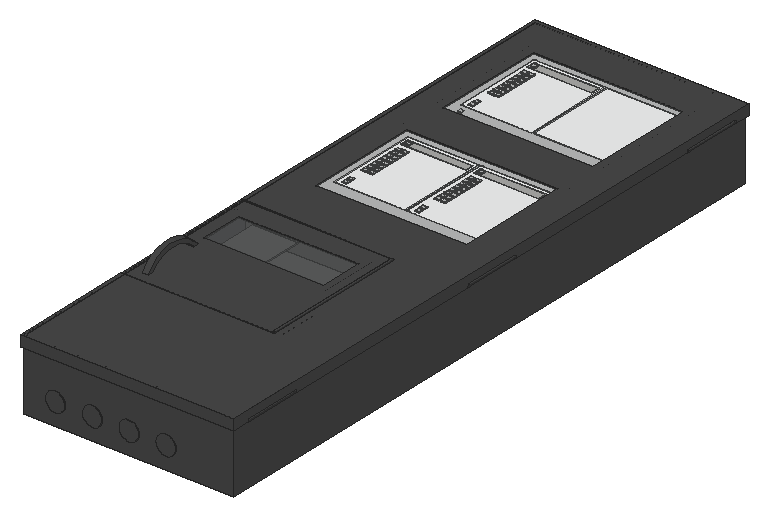
Revit family "Electronics_Communication_Talkaphone_AOR-24-Station-Analog-Command-Unit", category Telephone Devices, host Face, Revit 2020
Family settings
  Host = Face
  Maintain Annotation Orientation = No
  Round Connector Dimension = Use Diameter
  Part Type = Normal
  OmniClass Number = 23.37.27.17
  Cut with Voids When Loaded = No
  Shared = No
  Room Calculation Point = No
Parameters (values of type "24-Station Analog Command Unit")
  _without door [instance] = not(Visible Big Door)  # no
  _small door [instance] = and(Visible Big Door, Visible Small Door)  # yes
  Wiring = "One (1) twisted, shielded pair per station not to exceed 25 ohms resistance"
  Width = 14.50"  # constant formula
  Warranty = "5-year limited warranty"
  Voltage = 120 V  # constant formula
  Visible Small Door [instance] = yes
  Visible Big Door [instance] = yes
  URL = "https://www.talkaphone.com/"
  Supervision Relay = "Activation of Any AOR Station: Contact closure (relay) output; Open/Short Fault on AOR Stations: Contact closure (relay) output; AC Input Power Failure: 24VDC output; Low Battery (Low Voltage Detected): Form C output; and System Ground Fault: Contact closure (relay) output."
  Sound = "Strobe/siren outputs 1 of 8 alerting sounds ranging from 90 to 100 dBA"
  Programming = "Programming of the Analog Command Unit and Analog Stations can be carried out through the built-in phone via touch-tone commands. All programming is stored on non-volatile EEPROMs."
  Product data url = "https://www.bimobject.com/talkaphone/product/aor-24_area-of-rescue-24-station-command-unit"
  Product Material = Talkaphone - Steel - Black
  Product Guid = "b2d7a3bd-9e5f-4b66-a6c0-6e79d788d0e2"
  Power Source = "120VAC, 0.9 A (max)"
  Power Factor = 1
  Number of Poles = 1
  Mounting = "Surface mount or recess mount with optional trim ring (Model AOR-TR32). Strobe/sounder mounts to standard 4-inch square box"
  Model = "AOR-24"
  Manufacturer = "Talkaphone"  # constant formula
  Lighting = "Strobe is rated at 15 candela, flashes once per second"
  Keynote = "27 30 00"
  Height = 43.60"  # constant formula
  Fault Reset = "Push button switch provided to temporarily silence while faults are corrected or to re-test/reset fault indicators after faults have been resolved"
  Fault Monitoring = "Activation of any AOR Station, opens/shorts on AOR Station cabling, 110VAC input power failure (primary power loss), low battery backup (low voltage detected), and system ground fault"
  Environment = "For indoor use"
  Edition number = 1
  Description = "THIS FULLY INTEGRATED COMMAND UNIT ACCOMMODATES UP TO 24 ADA-COMPLIANT AREA OF RESCUE STATIONS. THE UNIT’S STROBE/SOUNDER INDICATES AN INCOMING CALL, AND LED LIGHTS INDICATE THE CALLING LOCATION."
  Depth = 6.00"  # constant formula
  Default Elevation = 48.00"
  Construction = "16 gauge, painted steel enclosure with polycarbonate windows"
  Connectivity = "Supports one (1) analog phone line (PSTN line) per bank of 8-stations for off-site dialing (total of three (3) PSTN lines)"
  Connection = "Internal terminal block"
  Communication = "Lighted phone with 12-button keypad receives and selectively originates calls"
  Call Station Options = "Indoor Flush Mount Model: AOR-CSE-FM, Indoor Surface Mount Model: AOR-CSE-SM"
  Assembly Code = "D5030300"
  Approvals = "Power Supply Approvals: UL 294 (6th Edition) listed, UL 603 listed, UL 1481 listed, ULC-S318 listed"
  Apparent Load = 0 VA
  AC Input Rating = "115-230VAC, 50-60 Hz, 240W"
Reference planes (in)
  plane 1 "Center (Front/Back)": y = 0
  plane 2: z = 0
  plane 3 "Center (Left/Right)": x = 0
  plane 4: z = 4.56443
Forms (in)
  Extrusion 1, solid, material "Talkaphone - Steel - Black" <- "Product Material", detail levels medium+fine
    sketch origin (10.3875, 3.03501, 0) x (1, 0, 0) y (0, 1, 0)
      loop
        line (-6.12633, 1.01887) -> (-6.12633, -3.0025) -> (-3.325, -3.0025) -> (-3.325, 1.01887) -> (-6.12633, 1.01887)
    from 0.1225 to 3.6625
  Extrusion 2, solid, material "Talkaphone - Steel - Black" <- "Product Material", detail levels medium+fine
    sketch origin (0, 0, 0) x (1, 0, 0) y (0, 1, 0)
      loop
        line (-7.06284, -13.40375) -> (3.2475, -13.40375) -> (3.2475, -2.93375) -> (-7.06284, -2.93375) -> (-7.06284, -2.99375) -> (3.1875, -2.99375) -> (3.1875, -13.34375) -> (-7.06284, -13.34375) -> (-7.06284, -13.40375)
    from 0.0625 to 4.70474
  Extrusion 3, solid, material "Talkaphone - Steel - Black" <- "Product Material", detail levels medium+fine
    sketch origin (0, 0, 0) x (1, 0, 0) y (0, 1, 0)
      loop
        line (-6.215, -13.78875) -> (-6.215, -17.95875) -> (1.535, -17.95875) -> (1.535, -13.78875) -> (-6.215, -13.78875)
    from 0.1225 to 0.375
  Extrusion 4, solid, material "Talkaphone - Steel - Black" <- "Product Material", detail levels fine
    sketch origin (0, 0, 0) x (1, 0, 0) y (0, 1, 0)
      loop
        line (-3.99678, -14.82437) -> (-3.17224, -14.82437) -> (-3.17224, -16.31933) -> (-3.07224, -16.31933) -> (-3.07224, -14.72437) -> (-3.99678, -14.72437) -> (-3.99678, -14.82437)
      loop
        line (-1.83205, -14.65973) -> (-0.53771, -14.65973) -> (-0.53771, -16.89228) -> (-0.43771, -16.89228) -> (-0.43771, -14.55973) -> (-1.83205, -14.55973) -> (-1.83205, -14.65973)
    from 0.375 to 2.482
  Extrusion 5, solid, material "Talkaphone - Steel - Black" <- "Product Material", detail levels medium+fine
    sketch origin (0, 0, 0) x (1, 0, 0) y (0, 1, 0)
      loop
        line (-6.03725, -4.56675) -> (-6.03725, -12.31675) -> (2.71275, -12.31675) -> (2.71275, -4.56675) -> (-6.03725, -4.56675)
    from 0.0625 to 3.87229
  Extrusion 6, solid, material "Talkaphone - Steel - Black" <- "Product Material", detail levels medium+fine
    sketch origin (0, 0, 0) x (1, 0, 0) y (0, 1, 0)
      loop
        line (-3.03725, -3.56675) -> (-6.03725, -3.56675) -> (-6.03725, -12.31675) -> (-3.03725, -12.31675) -> (-3.03725, -3.56675)
    from 3.87229 to 3.93267
  Extrusion 7, solid, material "Talkaphone - Steel - Black" <- "Product Material", detail levels medium+fine
    sketch origin (0, 0, 0) x (1, 0, 0) y (0, 0, 1)
      loop
        line (2.0925, 0.0625) -> (2.0925, 3.6335) -> (-7.0125, 3.6335) -> (-7.0125, 3.571) -> (2.03, 3.571) -> (2.03, 0.0625) -> (2.0925, 0.0625)
    from -19.12875 to 2.88375
  Extrusion 8, void
    sketch origin (0, 0, 0) x (1, 0, 0) y (0, 1, 0)
      loop
        line (-7.125, 14.62125) -> (-7.125, 13.62125) -> (-6.0125, 13.62125)
        arc (-6.0125, 13.62125) -> (-5.5125, 14.12125) -> (-6.0125, 14.62125) r 0.5
        line (-6.0125, 14.62125) -> (-7.125, 14.62125)
      loop
        line (-7.125, 4.62125) -> (-7.125, 3.62125) -> (-6.0125, 3.62125)
        arc (-6.0125, 3.62125) -> (-5.5125, 4.12125) -> (-6.0125, 4.62125) r 0.5
        line (-6.0125, 4.62125) -> (-7.125, 4.62125)
    from 3.17852 to 3.87229
  Extrusion 9, void
    sketch origin (0, 0, 0) x (0, 1, 0) y (0, 0, 1)
      loop
        line (17.76625, 0) -> (17.76625, 1.3125)
        arc (17.76625, 1.3125) -> (17.26625, 1.8125) -> (16.76625, 1.3125) r 0.5
        line (16.76625, 1.3125) -> (16.76625, 0) -> (17.76625, 0)
      loop
        line (5.51478, 0) -> (5.51478, 1.3125)
        arc (5.51478, 1.3125) -> (5.01478, 1.8125) -> (4.51478, 1.3125) r 0.5
        line (4.51478, 1.3125) -> (4.51478, 0) -> (5.51478, 0)
      loop
        line (-2.13375, 0) -> (-2.13375, 0.5875)
        arc (-2.13375, 0.5875) -> (-2.18003, 0.66395) -> (-2.26625, 0.6875) r 0.1205
        line (-2.26625, 0.6875) -> (-2.78375, 0.6875)
        arc (-2.78375, 0.6875) -> (-2.85446, 0.71679) -> (-2.88375, 0.7875) r 0.1
        line (-2.88375, 0.7875) -> (-2.97331, 0.7875) -> (-2.97331, 0) -> (-2.13375, 0)
    from 1.0013 to 2.71275
  Extrusion 10, solid, material "Talkaphone - Steel - Black" <- "Product Material", detail levels fine
    sketch origin (0, 0, 0) x (1, 0, 0) y (0, 1, 0)
      loop
        line (7.0625, 0.51375) -> (4.0275, 0.51375) -> (4.0275, 0.01375) -> (7.0625, 0.01375) -> (7.0625, 0.51375)
    from 0.0625 to 0.1225
  Extrusion 11, solid, material "Talkaphone - Steel - Black" <- "Product Material", detail levels fine
    sketch origin (0, 0, 0) x (1, 0, 0) y (0, 1, 0)
      loop
        line (4.0875, 0.51375) -> (4.0275, 0.51375) -> (4.0275, 0.01375) -> (7.0625, 0.01375) -> (7.0625, 0.07375) -> (4.0875, 0.07375) -> (4.0875, 0.51375)
    from 0.1225 to 3.87229
  Extrusion 12, solid, material "Talkaphone - Steel - Black" <- "Product Material", detail levels fine
    sketch origin (0, -5.91, 0) x (1, 0, 0) y (0, 1, 0)
      loop
        line (7.0625, 0.51375) -> (4.0275, 0.51375) -> (4.0275, 0.01375) -> (7.0625, 0.01375) -> (7.0625, 0.51375)
    from 0.0625 to 0.1225
  Extrusion 13, solid, material "Talkaphone - Steel - Black" <- "Product Material", detail levels fine
    sketch origin (0, -5.91, 0) x (1, 0, 0) y (0, 1, 0)
      loop
        line (4.0875, 0.51375) -> (4.0275, 0.51375) -> (4.0275, 0.01375) -> (7.0625, 0.01375) -> (7.0625, 0.07375) -> (4.0875, 0.07375) -> (4.0875, 0.51375)
    from 0.1225 to 3.87229
  Extrusion 14, solid, material "Talkaphone - Steel - Black" <- "Product Material", detail levels fine
    sketch origin (0, -18.48, 0) x (1, 0, 0) y (0, 1, 0)
      loop
        line (7.0025, 0.51375) -> (4.0275, 0.51375) -> (4.0275, 0.01375) -> (7.0025, 0.01375) -> (7.0025, 0.51375)
    from 0.0625 to 0.1225
  Extrusion 15, solid, material "Talkaphone - Steel - Black" <- "Product Material", detail levels fine
    sketch origin (0, -18.48, 0) x (1, 0, 0) y (0, 1, 0)
      loop
        line (4.0875, 0.51375) -> (4.0275, 0.51375) -> (4.0275, 0.01375) -> (7.0625, 0.01375) -> (7.0625, 0.07375) -> (4.0875, 0.07375) -> (4.0875, 0.51375)
    from 0.1225 to 3.87229
  Extrusion 16, solid, material "Talkaphone - Steel - Black" <- "Product Material", detail levels fine
    sketch origin (0, -12.57, 0) x (1, 0, 0) y (0, 1, 0)
      loop
        line (7.0625, 0.51375) -> (4.0275, 0.51375) -> (4.0275, 0.01375) -> (7.0625, 0.01375) -> (7.0625, 0.51375)
    from 0.0625 to 0.1225
  Extrusion 17, solid, material "Talkaphone - Steel - Black" <- "Product Material", detail levels fine
    sketch origin (0, -12.57, 0) x (1, 0, 0) y (0, 1, 0)
      loop
        line (4.0875, 0.51375) -> (4.0275, 0.51375) -> (4.0275, 0.01375) -> (7.0625, 0.01375) -> (7.0625, 0.07375) -> (4.0875, 0.07375) -> (4.0875, 0.51375)
    from 0.1225 to 3.87229
  Extrusion 18, solid, material "Talkaphone - Steel - Black" <- "Product Material"
    sketch origin (0, 0, 0) x (1, 0, 0) y (0, 1, 0)
      loop
        line (-7.125, -21.62875) -> (7.0625, -21.62875) -> (7.0625, -21.56625) -> (-7.06284, -21.56625) -> (-7.06284, 21.56625) -> (7.0625, 21.56625) -> (7.0625, 21.62875) -> (-7.125, 21.62875) -> (-7.125, -21.62875)
    from 0 to 4.81063
  Extrusion 19, solid, material "Talkaphone - Steel - Black" <- "Product Material"
    sketch origin (0, 0, 0) x (0, 1, 0) y (0, 0, 1)
      loop
        line (21.62875, 4.24034) -> (-21.62875, 4.24034) -> (-21.62875, 0) -> (21.62875, 0) -> (21.62875, 4.24034)
    from 7.0625 to 7.12466
  Extrusion 20, solid, material "Talkaphone - Steel - Black" <- "Product Material"
    sketch origin (0, 0, 0) x (1, 0, 0) y (0, 0, 1)
      loop
        line (6.69575, 4.3025) -> (6.69575, 4.24034) -> (7.12466, 4.24034) -> (7.12466, 4.3025) -> (6.69575, 4.3025)
    from -20.62921 to 20.63013
  Extrusion 21, solid, material "Talkaphone - Steel - Black" <- "Product Material"
    sketch origin (0, 0, 0) x (1, 0, 0) y (0, 1, 0)
      loop
        line (-7.06284, -21.56625) -> (7.0625, -21.56625) -> (7.0625, 21.56625) -> (-7.06284, 21.56625) -> (-7.06284, -21.56625)
    from 0 to 0.0625
  Extrusion 22, solid, material "Talkaphone - Steel - Black" <- "Product Material", detail levels medium+fine
    sketch origin (0, -18.629, -1.95975) x (1, 0, 0) y (0, 0, 1)
      loop
        arc (7.1455, 6.2154) -> (7.29718, 6.15257) -> (7.23435, 6.30425) r 0.08885
        line (7.23435, 6.30425) -> (6.7031, 6.30425) -> (6.7031, 6.26225) -> (7.1455, 6.26225) -> (7.1455, 6.2154)
    from -1.99975 to 2.00025
  Extrusion 23, solid, material "Talkaphone - Steel - Black" <- "Product Material", detail levels medium+fine
    sketch origin (0, 0, 0) x (1, 0, 0) y (0, 0, 1)
      loop
        line (-5.55574, 0.0625) -> (2.03, 0.0625) -> (2.03, 3.571) -> (-7.0125, 3.571) -> (-7.0125, 1.5625) -> (-6.06249, 1.5625)
        arc (-6.06249, 1.5625) -> (-5.68383, 1.39391) -> (-5.55574, 0.9997) r 0.50954
        line (-5.55574, 0.9997) -> (-5.55574, 0.0625)
    from -19.12925 to -19.06675
  Extrusion 24, solid, material "Talkaphone - Steel - Black" <- "Product Material", detail levels medium+fine
    sketch origin (10.3875, -2.83375, 0) x (1, 0, 0) y (0, 1, 0)
      loop
        line (-6.12633, 1.01887) -> (-6.12633, -3.0025) -> (-3.325, -3.0025) -> (-3.325, 1.01887) -> (-6.12633, 1.01887)
    from 0.1225 to 3.6625
  Extrusion 25, solid, material "Talkaphone - Steel - Black" <- "Product Material", detail levels medium+fine
    sketch origin (10.3875, -9.49375, 0) x (1, 0, 0) y (0, 1, 0)
      loop
        line (-6.12633, 1.01887) -> (-6.12633, -3.0025) -> (-3.325, -3.0025) -> (-3.325, 1.01887) -> (-6.12633, 1.01887)
    from 0.1225 to 3.6625
  Extrusion 26, solid, material "Talkaphone - Steel - Black" <- "Product Material", detail levels medium+fine
    sketch origin (10.3875, -15.40375, 0) x (1, 0, 0) y (0, 1, 0)
      loop
        line (-6.12633, 1.01887) -> (-6.12633, -3.0025) -> (-3.325, -3.0025) -> (-3.325, 1.01887) -> (-6.12633, 1.01887)
    from 0.1225 to 3.6625
  Extrusion 27, solid, material "Talkaphone - Steel - Black" <- "Product Material", detail levels medium+fine
    sketch origin (0, 0, 0) x (1, 0, 0) y (0, 0, 1)
      loop
        circle (-5.00109, 1.50206) r 0.65758
      loop
        circle (-2.50152, 1.50206) r 0.65758
      loop
        circle (-0.00183, 1.50206) r 0.65758
      loop
        circle (2.49571, 1.50206) r 0.65758
    from 21.56625 to 21.62875
  Extrusion 28, solid, material "Talkaphone - Steel - Black" <- "Product Material", detail levels medium+fine
    sketch origin (0, 0, 0) x (1, 0, 0) y (0, 0, 1)
      loop
        circle (-1.37296, 1.50206) r 0.65758
      loop
        circle (4.91773, 1.50206) r 0.65758
    from -21.62875 to -21.56625
  Extrusion 29, solid, material "Talkaphone - Steel - Black" <- "Product Material", detail levels medium+fine
    sketch origin (0, 0, 0) x (1, 0, 0) y (0, 1, 0)
      loop
        circle (4.3725, 20.38221) r 0.65758
      loop
        circle (-3.74842, -19.88102) r 0.65758
      loop
        circle (-1.24885, -19.88102) r 0.65758
      loop
        circle (1.25084, -19.88102) r 0.65758
    from 0 to 0.0625
  Extrusion 30, solid, material "Talkaphone - Steel - Black" <- "Product Material", detail levels medium+fine
    sketch origin (0, 0, -1.95975) x (1, 0, 0) y (0, 0, 1)
      loop
        arc (7.1455, 6.2154) -> (7.29718, 6.15257) -> (7.23435, 6.30425) r 0.08885
        line (7.23435, 6.30425) -> (6.7031, 6.30425) -> (6.7031, 6.26225) -> (7.1455, 6.26225) -> (7.1455, 6.2154)
    from -1.99975 to 2.00025
  Extrusion 31, solid, material "Talkaphone - Steel - Black" <- "Product Material", detail levels medium+fine
    sketch origin (0, 18.629, -1.95975) x (1, 0, 0) y (0, 0, 1)
      loop
        arc (7.1455, 6.2154) -> (7.29718, 6.15257) -> (7.23435, 6.30425) r 0.08885
        line (7.23435, 6.30425) -> (6.7031, 6.30425) -> (6.7031, 6.26225) -> (7.1455, 6.26225) -> (7.1455, 6.2154)
    from -1.99975 to 2.00025
  Extrusion 32, solid, material "Talkaphone - Steel - Black" <- "Product Material", visible <- "Visible Big Door"
    sketch origin (0, 0, -1.95972) x (1, 0, 0) y (0, 1, 0)
      loop
        line (7.1875, 21.72875) -> (-7.1875, 21.72875) -> (-7.1875, -3.00875) -> (3.152, -3.00875) -> (3.152, -13.25875) -> (-7.1875, -13.25875) -> (-7.1875, -21.72875) -> (7.1875, -21.72875) -> (7.1875, 21.72875)
      loop
        line (-5.1, 8.30875) -> (-5.1, 0.60875) -> (5.1, 0.60875) -> (5.1, 8.30875) -> (-5.1, 8.30875)
      loop
        line (-5.1, 19.00875) -> (-5.1, 11.30875) -> (5.1, 11.30875) -> (5.1, 19.00875) -> (-5.1, 19.00875)
    from 6.74665 to 6.80915
  Extrusion 33, solid, material "Talkaphone - Plastic - Grey_RAL 9006", detail levels medium+fine
    sketch origin (-0.06547, 7.62592, 0.66403) x (1, 0, 0) y (0, 0, 1)
      loop
        line (-6.24452, 4.0629) -> (-6.24452, 4.0004) -> (-5.65702, 4.0004) -> (-5.65702, 3.8779) -> (-5.49452, 3.8779) -> (5.66798, 3.8779) -> (5.66798, 4.0004) -> (6.25548, 4.0004) -> (6.25548, 4.0629) -> (5.60548, 4.0629) -> (5.60548, 3.9404) -> (5.50548, 3.9404) -> (-5.48357, 3.9404) -> (-5.59452, 3.9404) -> (-5.59452, 4.0629) -> (-6.24452, 4.0629)
    from -3.28203 to -11.78283
  Extrusion 34, solid, material "Talkaphone - Plastic - Grey_RAL 9006", detail levels medium+fine
    sketch origin (-0.05164, -3.07328, 0.66403) x (1, 0, 0) y (0, 0, 1)
      loop
        line (-6.24452, 4.0629) -> (-6.24452, 4.0004) -> (-5.65702, 4.0004) -> (-5.65702, 3.8779) -> (-5.49452, 3.8779) -> (5.66798, 3.8779) -> (5.66798, 4.0004) -> (6.25548, 4.0004) -> (6.25548, 4.0629) -> (5.60548, 4.0629) -> (5.60548, 3.9404) -> (5.50548, 3.9404) -> (-5.48357, 3.9404) -> (-5.59452, 3.9404) -> (-5.59452, 4.0629) -> (-6.24452, 4.0629)
    from -3.28203 to -11.78283
  Extrusion 35, solid, material "Talkaphone - Plastic - Clear plastic", visible <- "Visible Big Door"
    sketch origin (0, 0, -1.95972) x (1, 0, 0) y (0, 1, 0)
      loop
        line (-5.70125, 19.50053) -> (-5.70125, 10.75053) -> (5.54875, 10.75053) -> (5.54875, 19.50053) -> (-5.70125, 19.50053)
    from 6.71863 to 6.74696
  Extrusion 36, solid, material "Talkaphone - Plastic - Clear plastic", visible <- "Visible Big Door"
    sketch origin (0.01625, -10.66628, -1.95972) x (1, 0, 0) y (0, 1, 0)
      loop
        line (-5.70125, 19.50053) -> (-5.70125, 10.75053) -> (5.54875, 10.75053) -> (5.54875, 19.50053) -> (-5.70125, 19.50053)
    from 6.71863 to 6.74696
  Extrusion 37, solid, material "Talkaphone - Steel - Black" <- "Product Material", visible <- "Visible Big Door", detail levels medium+fine
    sketch origin (1.76222, -3.90437, 0.59903) x (1, 0, 0) y (0, 0, 1)
      loop
        line (1.76478, 4.1879) -> (1.31948, 4.1879)
        arc (1.31948, 4.1879) -> (1.23364, 4.27345) -> (1.26507, 4.1564) r 0.06275
        line (1.26507, 4.1564) -> (1.76478, 4.1564) -> (1.76478, 4.1879)
    from -0.7784 to 9.24244
  Extrusion 38, solid, material "Talkaphone - Steel - Black" <- "Product Material", visible <- "Visible Big Door", detail levels medium+fine
    sketch origin (1.01895, 0, 11.49003) x (0, 0, -1) y (1, 0, 0)
      loop
        line (6.7031, 6.12655) -> (7.23588, 6.12655) -> (7.23588, 6.16855) -> (6.7031, 6.16855) -> (6.7031, 6.12655)
    from -1.99975 to 2.00025
  Extrusion 39, solid, material "Talkaphone - Steel - Black" <- "Product Material", visible <- "Visible Big Door", detail levels medium+fine
    sketch origin (1.01895, -18.629, 11.49003) x (0, 0, -1) y (1, 0, 0)
      loop
        line (6.7031, 6.12655) -> (7.23588, 6.12655) -> (7.23588, 6.16855) -> (6.7031, 6.16855) -> (6.7031, 6.12655)
    from -1.99975 to 2.00025
  Extrusion 40, solid, material "Talkaphone - Steel - Black" <- "Product Material", visible <- "Visible Big Door", detail levels medium+fine
    sketch origin (1.01895, 18.629, 11.49003) x (0, 0, -1) y (1, 0, 0)
      loop
        line (6.7031, 6.12655) -> (7.23588, 6.12655) -> (7.23588, 6.16855) -> (6.7031, 6.16855) -> (6.7031, 6.12655)
    from -1.99975 to 2.00025
  Extrusion 41, solid, material "Talkaphone - Steel - Black" <- "Product Material", visible <- "_small door", detail levels medium+fine
    sketch origin (1.37015, -3.90416, 0.59903) x (1, 0, 0) y (0, 0, 1)
      loop
        line (1.65714, 4.1564) -> (1.65714, 4.1879) -> (1.15714, 4.1879) -> (1.15714, 4.1564) -> (1.65714, 4.1564)
    from -0.7784 to 9.24244
  Extrusion 42, solid, material "Talkaphone - Steel - Black" <- "Product Material", visible <- "_small door"
    sketch origin (-0.00706, -14.28936, 0.59934) x (1, 0, 0) y (0, 0, 1)
      loop
        line (-7.18015, 3.5379) -> (-7.18015, 4.2504) -> (-7.24265, 4.2504) -> (-7.24265, 3.5379) -> (-7.18015, 3.5379)
    from -11.20582 to -1.10582
  Extrusion 43, solid, material "Talkaphone - Steel - Black" <- "Product Material", visible <- "_small door"
    sketch origin (0.00029, 0.00021, -1.95972) x (1, 0, 0) y (0, 1, 0)
      loop
        line (-7.1875, -3.08375) -> (-7.1875, -13.18375) -> (2.902, -13.18375) -> (2.902, -3.08375) -> (-7.1875, -3.08375)
      loop
        line (-6.20175, -4.58375) -> (-6.20175, -7.58375) -> (1.93625, -7.58375) -> (1.93625, -4.58375) -> (-6.20175, -4.58375)
    from 6.74696 to 6.80946
  Extrusion 44, solid, material "Talkaphone - Plastic - Clear plastic", visible <- "_small door"
    sketch origin (0.00029, 0.00021, -1.93441) x (1, 0, 0) y (0, 1, 0)
      loop
        line (2.37575, -4.02125) -> (-6.87425, -4.02125) -> (-6.87425, -8.14625) -> (2.37575, -8.14625) -> (2.37575, -4.02125)
    from 6.68456 to 6.72165
  Extrusion 45, solid, material "Talkaphone - Steel - Black" <- "Product Material", visible <- "_small door", detail levels medium+fine
    sketch origin (-12.63003, -6.13606, 0.59934) x (0, 1, 0) y (0, 0, 1)
      loop
        line (-6.34465, 4.2504) -> (-5.98824, 4.2504)
        arc (-5.98824, 4.2504) -> (-4.23202, 5.03199) -> (-2.4758, 4.2504) r 2.36389
        line (-2.4758, 4.2504) -> (-2.11939, 4.2504)
        arc (-2.11939, 4.2504) -> (-4.23202, 5.30759) -> (-6.34465, 4.2504) r 2.63948
    from 6.2305 to 6.6184
  Extrusion 46, solid, material "Talkaphone - Steel - Black" <- "Product Material", visible <- "Visible Big Door"
    sketch origin (0, 0, -1.95972) x (1, 0, 0) y (0, 1, 0)
      loop
        line (-7.1875, -21.72875) -> (-7.1875, -13.25875) -> (-7.25, -13.25875) -> (-7.25, -21.79125) -> (7.25, -21.79125) -> (7.25, -21.72875) -> (-7.1875, -21.72875)
      loop
        line (-7.25, 21.79125) -> (-7.25, -3.00875) -> (-7.1875, -3.00875) -> (-7.1875, 21.72875) -> (7.25, 21.72875) -> (7.25, 21.79125) -> (-7.25, 21.79125)
    from 6.09696 to 6.80946
  Extrusion 47, solid, material "Talkaphone - Steel - Black" <- "Product Material", visible <- "Visible Big Door"
    sketch origin (0, 0, -1.95972) x (0, 1, 0) y (0, 0, 1)
      loop
        line (-21.72875, 6.09696) -> (-20.65875, 6.09696) -> (-20.65875, 6.31065) -> (-16.59875, 6.31065) -> (-16.59875, 6.09696) -> (-2.00025, 6.09696) -> (-2.00025, 6.31065) -> (2.03, 6.31065) -> (2.03, 6.09696) -> (16.59875, 6.09696) -> (16.59875, 6.31065) -> (20.65875, 6.31065) -> (20.65875, 6.09696) -> (21.72875, 6.09696) -> (21.72875, 6.80915) -> (-21.72875, 6.80915) -> (-21.72875, 6.09696)
    from 7.1875 to 7.25
  Extrusion 48, void
    sketch origin (-10.5864, -180, 4.56443) x (-1, 0, 0) y (0, -1, 0)
      loop
        line (-5.72188, -198.78875) -> (-5.72188, -192.53875) -> (-10.53438, -192.53875) -> (-10.53438, -198.78875) -> (-5.72188, -198.78875)
      loop
        line (-10.65938, -198.78875) -> (-10.65938, -192.53875) -> (-15.47188, -192.53875) -> (-15.47188, -198.78875) -> (-10.65938, -198.78875)
      loop
        line (-5.72188, -188.08875) -> (-5.72188, -181.83875) -> (-10.53438, -181.83875) -> (-10.53438, -188.08875) -> (-5.72188, -188.08875)
      loop
        line (-10.65938, -188.08875) -> (-10.65938, -181.83875) -> (-15.47188, -181.83875) -> (-15.47188, -188.08875) -> (-10.65938, -188.08875)
    from 0 to 0.06
  Extrusion 49, solid, material "Talkaphone - Plastic - White", detail levels medium
    sketch origin (-10.5864, -180, 4.56443) x (-1, 0, 0) y (0, -1, 0)
      loop
        line (-5.72188, -198.78875) -> (-5.72188, -192.53875) -> (-10.53438, -192.53875) -> (-10.53438, -198.78875) -> (-5.72188, -198.78875)
      loop
        line (-15.47188, -198.78875) -> (-10.65938, -198.78875) -> (-10.65938, -192.53875) -> (-15.47188, -192.53875) -> (-15.47188, -198.78875)
      loop
        line (-10.53438, -188.08875) -> (-5.72188, -188.08875) -> (-5.72188, -181.83875) -> (-10.53438, -181.83875) -> (-10.53438, -188.08875)
      loop
        line (-15.47188, -188.08875) -> (-10.65938, -188.08875) -> (-10.65938, -181.83875) -> (-15.47188, -181.83875) -> (-15.47188, -188.08875)
    from 0 to 0.04
  Extrusion 50, solid, material "Talkaphone - Plastic - White", detail levels fine
    sketch origin (-10.5864, -180, 4.56443) x (-1, 0, 0) y (0, -1, 0)
      loop
        line (-5.72188, -198.78875) -> (-5.72188, -192.53875) -> (-10.53438, -192.53875) -> (-10.53438, -198.78875) -> (-5.72188, -198.78875)
      loop
        line (-10.65938, -198.78875) -> (-10.65938, -192.53875) -> (-15.47188, -192.53875) -> (-15.47188, -198.78875) -> (-10.65938, -198.78875)
      loop
        line (-5.90691, -198.51316) -> (-5.90691, -197.92261) -> (-10.34934, -197.92261) -> (-10.34934, -198.51316) -> (-5.90691, -198.51316)
      loop
        line (-6.04188, -197.52625) -> (-6.04188, -194.42625) -> (-6.35188, -194.42625) -> (-6.35188, -197.52625) -> (-6.04188, -197.52625)
      loop
        line (-6.49188, -197.52625) -> (-6.49188, -194.42625) -> (-6.80188, -194.42625) -> (-6.80188, -197.52625) -> (-6.49188, -197.52625)
      loop
        line (-6.04188, -193.48875) -> (-6.04188, -192.78151) -> (-6.35188, -192.78151) -> (-6.35188, -193.48875) -> (-6.04188, -193.48875)
      loop
        line (-5.72188, -188.08875) -> (-5.72188, -181.83875) -> (-10.53438, -181.83875) -> (-10.53438, -188.08875) -> (-5.72188, -188.08875)
      loop
        line (-10.65938, -188.08875) -> (-10.65938, -181.83875) -> (-15.47188, -181.83875) -> (-15.47188, -188.08875) -> (-10.65938, -188.08875)
      loop
        line (-5.90691, -187.81316) -> (-5.90691, -187.22261) -> (-10.34934, -187.22261) -> (-10.34934, -187.81316) -> (-5.90691, -187.81316)
      loop
        line (-6.04188, -186.82625) -> (-6.04188, -183.72625) -> (-6.35188, -183.72625) -> (-6.35188, -186.82625) -> (-6.04188, -186.82625)
      loop
        line (-6.49188, -186.82625) -> (-6.49188, -183.72625) -> (-6.80188, -183.72625) -> (-6.80188, -186.82625) -> (-6.49188, -186.82625)
      loop
        line (-10.84441, -187.81316) -> (-10.84441, -187.22261) -> (-15.28684, -187.22261) -> (-15.28684, -187.81316) -> (-10.84441, -187.81316)
      loop
        line (-10.97938, -186.82625) -> (-10.97938, -183.72625) -> (-11.28938, -183.72625) -> (-11.28938, -186.82625) -> (-10.97938, -186.82625)
      loop
        line (-11.42938, -186.82625) -> (-11.42938, -183.72625) -> (-11.73938, -183.72625) -> (-11.73938, -186.82625) -> (-11.42938, -186.82625)
      loop
        line (-6.04188, -182.78875) -> (-6.04188, -182.08151) -> (-6.35188, -182.08151) -> (-6.35188, -182.78875) -> (-6.04188, -182.78875)
      loop
        line (-10.97938, -182.78875) -> (-10.97938, -182.08151) -> (-11.28938, -182.08151) -> (-11.28938, -182.78875) -> (-10.97938, -182.78875)
    from 0 to 0.04
  Extrusion 51, solid, material "Talkaphone - Plastic - Grey_RAL 9007", detail levels fine
    sketch origin (-10.5864, -180, 4.56443) x (-1, 0, 0) y (0, -1, 0)
      loop
        line (-5.90691, -198.51316) -> (-5.90691, -197.92261) -> (-10.34934, -197.92261) -> (-10.34934, -198.51316) -> (-5.90691, -198.51316)
      loop
        line (-6.04188, -198.36875) -> (-6.04188, -198.06875) -> (-6.35188, -198.06875) -> (-6.35188, -198.36875) -> (-6.04188, -198.36875)
      loop
        line (-5.90691, -187.81316) -> (-5.90691, -187.22261) -> (-10.34934, -187.22261) -> (-10.34934, -187.81316) -> (-5.90691, -187.81316)
      loop
        line (-6.04188, -187.66875) -> (-6.04188, -187.36875) -> (-6.35188, -187.36875) -> (-6.35188, -187.66875) -> (-6.04188, -187.66875)
      loop
        line (-10.84441, -187.81316) -> (-10.84441, -187.22261) -> (-15.28684, -187.22261) -> (-15.28684, -187.81316) -> (-10.84441, -187.81316)
      loop
        line (-10.97938, -187.66875) -> (-10.97938, -187.36875) -> (-11.28938, -187.36875) -> (-11.28938, -187.66875) -> (-10.97938, -187.66875)
    from 0 to 0.04
  Extrusion 52, solid, material "Talkaphone - Steel - Black", detail levels fine
    sketch origin (-10.5864, -180, 4.56443) x (-1, 0, 0) y (0, -1, 0)
      loop
        line (-6.04188, -198.36875) -> (-6.04188, -198.06875) -> (-6.35188, -198.06875) -> (-6.35188, -198.36875) -> (-6.04188, -198.36875)
      loop
        line (-6.04188, -197.52625) -> (-6.04188, -194.42625) -> (-6.35188, -194.42625) -> (-6.35188, -197.52625) -> (-6.04188, -197.52625)
      loop
        line (-6.49188, -197.52625) -> (-6.49188, -194.42625) -> (-6.80188, -194.42625) -> (-6.80188, -197.52625) -> (-6.49188, -197.52625)
      loop
        line (-6.04188, -192.78151) -> (-6.35188, -192.78151) -> (-6.35188, -193.48875) -> (-6.04188, -193.48875) -> (-6.04188, -192.78151)
      loop
        line (-6.04188, -187.66875) -> (-6.04188, -187.36875) -> (-6.35188, -187.36875) -> (-6.35188, -187.66875) -> (-6.04188, -187.66875)
      loop
        line (-6.04188, -186.82625) -> (-6.04188, -183.72625) -> (-6.35188, -183.72625) -> (-6.35188, -186.82625) -> (-6.04188, -186.82625)
      loop
        line (-6.49188, -186.82625) -> (-6.49188, -183.72625) -> (-6.80188, -183.72625) -> (-6.80188, -186.82625) -> (-6.49188, -186.82625)
      loop
        line (-6.04188, -182.08151) -> (-6.35188, -182.08151) -> (-6.35188, -182.78875) -> (-6.04188, -182.78875) -> (-6.04188, -182.08151)
      loop
        line (-10.97938, -187.66875) -> (-10.97938, -187.36875) -> (-11.28938, -187.36875) -> (-11.28938, -187.66875) -> (-10.97938, -187.66875)
      loop
        line (-10.97938, -186.82625) -> (-10.97938, -183.72625) -> (-11.28938, -183.72625) -> (-11.28938, -186.82625) -> (-10.97938, -186.82625)
      loop
        line (-11.42938, -186.82625) -> (-11.42938, -183.72625) -> (-11.73938, -183.72625) -> (-11.73938, -186.82625) -> (-11.42938, -186.82625)
      loop
        line (-10.97938, -182.08151) -> (-11.28938, -182.08151) -> (-11.28938, -182.78875) -> (-10.97938, -182.78875) -> (-10.97938, -182.08151)
    from 0 to 0.04
  Extrusion 53, solid, material "Talkaphone - Plastic - Grey_RAL 9006", detail levels fine
    sketch origin (-10.5864, -180, 4.56443) x (-1, 0, 0) y (0, -1, 0)
      loop
        line (-6.07188, -198.34375) -> (-6.07188, -198.09375) -> (-6.32188, -198.09375) -> (-6.32188, -198.34375) -> (-6.07188, -198.34375)
      loop
        line (-6.07188, -197.50125) -> (-6.07188, -197.25125) -> (-6.32188, -197.25125) -> (-6.32188, -197.50125) -> (-6.07188, -197.50125)
      loop
        line (-6.07188, -197.10125) -> (-6.07188, -196.85125) -> (-6.32188, -196.85125) -> (-6.32188, -197.10125) -> (-6.07188, -197.10125)
      loop
        line (-6.07188, -196.70125) -> (-6.07188, -196.45125) -> (-6.32188, -196.45125) -> (-6.32188, -196.70125) -> (-6.07188, -196.70125)
      loop
        line (-6.07188, -196.30125) -> (-6.07188, -196.05125) -> (-6.32188, -196.05125) -> (-6.32188, -196.30125) -> (-6.07188, -196.30125)
      loop
        line (-6.07188, -195.90125) -> (-6.07188, -195.65125) -> (-6.32188, -195.65125) -> (-6.32188, -195.90125) -> (-6.07188, -195.90125)
      loop
        line (-6.07188, -195.50125) -> (-6.07188, -195.25125) -> (-6.32188, -195.25125) -> (-6.32188, -195.50125) -> (-6.07188, -195.50125)
      loop
        line (-6.07188, -195.10125) -> (-6.07188, -194.85125) -> (-6.32188, -194.85125) -> (-6.32188, -195.10125) -> (-6.07188, -195.10125)
      loop
        line (-6.07188, -194.70125) -> (-6.07188, -194.45125) -> (-6.32188, -194.45125) -> (-6.32188, -194.70125) -> (-6.07188, -194.70125)
      loop
        line (-6.52188, -197.50125) -> (-6.52188, -197.25125) -> (-6.77188, -197.25125) -> (-6.77188, -197.50125) -> (-6.52188, -197.50125)
      loop
        line (-6.52188, -197.10125) -> (-6.52188, -196.85125) -> (-6.77188, -196.85125) -> (-6.77188, -197.10125) -> (-6.52188, -197.10125)
      loop
        line (-6.52188, -196.70125) -> (-6.52188, -196.45125) -> (-6.77188, -196.45125) -> (-6.77188, -196.70125) -> (-6.52188, -196.70125)
      loop
        line (-6.52188, -196.30125) -> (-6.52188, -196.05125) -> (-6.77188, -196.05125) -> (-6.77188, -196.30125) -> (-6.52188, -196.30125)
      loop
        line (-6.52188, -195.90125) -> (-6.52188, -195.65125) -> (-6.77188, -195.65125) -> (-6.77188, -195.90125) -> (-6.52188, -195.90125)
      loop
        line (-6.52188, -195.50125) -> (-6.52188, -195.25125) -> (-6.77188, -195.25125) -> (-6.77188, -195.50125) -> (-6.52188, -195.50125)
      loop
        line (-6.52188, -195.10125) -> (-6.52188, -194.85125) -> (-6.77188, -194.85125) -> (-6.77188, -195.10125) -> (-6.52188, -195.10125)
      loop
        line (-6.52188, -194.70125) -> (-6.52188, -194.45125) -> (-6.77188, -194.45125) -> (-6.77188, -194.70125) -> (-6.52188, -194.70125)
      loop
        line (-6.07188, -193.45875) -> (-6.07188, -193.20875) -> (-6.32188, -193.20875) -> (-6.32188, -193.45875) -> (-6.07188, -193.45875)
      loop
        line (-6.07188, -193.05875) -> (-6.07188, -192.80875) -> (-6.32188, -192.80875) -> (-6.32188, -193.05875) -> (-6.07188, -193.05875)
      loop
        line (-6.07188, -192.10375) -> (-6.07188, -191.86375) -> (-6.32188, -191.86375) -> (-6.32188, -192.10375) -> (-6.07188, -192.10375)
      loop
        line (-6.07188, -187.64375) -> (-6.07188, -187.39375) -> (-6.32188, -187.39375) -> (-6.32188, -187.64375) -> (-6.07188, -187.64375)
      loop
        line (-6.07188, -186.80125) -> (-6.07188, -186.55125) -> (-6.32188, -186.55125) -> (-6.32188, -186.80125) -> (-6.07188, -186.80125)
      loop
        line (-6.07188, -186.40125) -> (-6.07188, -186.15125) -> (-6.32188, -186.15125) -> (-6.32188, -186.40125) -> (-6.07188, -186.40125)
      loop
        line (-6.07188, -186.00125) -> (-6.07188, -185.75125) -> (-6.32188, -185.75125) -> (-6.32188, -186.00125) -> (-6.07188, -186.00125)
      loop
        line (-6.07188, -185.60125) -> (-6.07188, -185.35125) -> (-6.32188, -185.35125) -> (-6.32188, -185.60125) -> (-6.07188, -185.60125)
      loop
        line (-6.07188, -185.20125) -> (-6.07188, -184.95125) -> (-6.32188, -184.95125) -> (-6.32188, -185.20125) -> (-6.07188, -185.20125)
      loop
        line (-6.07188, -184.80125) -> (-6.07188, -184.55125) -> (-6.32188, -184.55125) -> (-6.32188, -184.80125) -> (-6.07188, -184.80125)
      loop
        line (-6.07188, -184.40125) -> (-6.07188, -184.15125) -> (-6.32188, -184.15125) -> (-6.32188, -184.40125) -> (-6.07188, -184.40125)
      loop
        line (-6.07188, -184.00125) -> (-6.07188, -183.75125) -> (-6.32188, -183.75125) -> (-6.32188, -184.00125) -> (-6.07188, -184.00125)
      loop
        line (-6.52188, -186.80125) -> (-6.52188, -186.55125) -> (-6.77188, -186.55125) -> (-6.77188, -186.80125) -> (-6.52188, -186.80125)
      loop
        line (-6.52188, -186.40125) -> (-6.52188, -186.15125) -> (-6.77188, -186.15125) -> (-6.77188, -186.40125) -> (-6.52188, -186.40125)
      loop
        line (-6.52188, -186.00125) -> (-6.52188, -185.75125) -> (-6.77188, -185.75125) -> (-6.77188, -186.00125) -> (-6.52188, -186.00125)
      loop
        line (-6.52188, -185.60125) -> (-6.52188, -185.35125) -> (-6.77188, -185.35125) -> (-6.77188, -185.60125) -> (-6.52188, -185.60125)
      loop
        line (-6.52188, -185.20125) -> (-6.52188, -184.95125) -> (-6.77188, -184.95125) -> (-6.77188, -185.20125) -> (-6.52188, -185.20125)
      loop
        line (-6.52188, -184.80125) -> (-6.52188, -184.55125) -> (-6.77188, -184.55125) -> (-6.77188, -184.80125) -> (-6.52188, -184.80125)
      loop
        line (-6.52188, -184.40125) -> (-6.52188, -184.15125) -> (-6.77188, -184.15125) -> (-6.77188, -184.40125) -> (-6.52188, -184.40125)
      loop
        line (-6.52188, -184.00125) -> (-6.52188, -183.75125) -> (-6.77188, -183.75125) -> (-6.77188, -184.00125) -> (-6.52188, -184.00125)
      loop
        line (-6.07188, -182.75875) -> (-6.07188, -182.50875) -> (-6.32188, -182.50875) -> (-6.32188, -182.75875) -> (-6.07188, -182.75875)
      loop
        line (-6.07188, -182.35875) -> (-6.07188, -182.10875) -> (-6.32188, -182.10875) -> (-6.32188, -182.35875) -> (-6.07188, -182.35875)
      loop
        line (-11.00938, -187.64375) -> (-11.00938, -187.39375) -> (-11.25938, -187.39375) -> (-11.25938, -187.64375) -> (-11.00938, -187.64375)
      loop
        line (-11.00938, -186.80125) -> (-11.00938, -186.55125) -> (-11.25938, -186.55125) -> (-11.25938, -186.80125) -> (-11.00938, -186.80125)
      loop
        line (-11.00938, -186.40125) -> (-11.00938, -186.15125) -> (-11.25938, -186.15125) -> (-11.25938, -186.40125) -> (-11.00938, -186.40125)
      loop
        line (-11.00938, -186.00125) -> (-11.00938, -185.75125) -> (-11.25938, -185.75125) -> (-11.25938, -186.00125) -> (-11.00938, -186.00125)
      loop
        line (-11.00938, -185.60125) -> (-11.00938, -185.35125) -> (-11.25938, -185.35125) -> (-11.25938, -185.60125) -> (-11.00938, -185.60125)
      loop
        line (-11.00938, -185.20125) -> (-11.00938, -184.95125) -> (-11.25938, -184.95125) -> (-11.25938, -185.20125) -> (-11.00938, -185.20125)
      loop
        line (-11.00938, -184.80125) -> (-11.00938, -184.55125) -> (-11.25938, -184.55125) -> (-11.25938, -184.80125) -> (-11.00938, -184.80125)
      loop
        line (-11.00938, -184.40125) -> (-11.00938, -184.15125) -> (-11.25938, -184.15125) -> (-11.25938, -184.40125) -> (-11.00938, -184.40125)
      loop
        line (-11.00938, -184.00125) -> (-11.00938, -183.75125) -> (-11.25938, -183.75125) -> (-11.25938, -184.00125) -> (-11.00938, -184.00125)
      loop
        line (-11.45938, -186.80125) -> (-11.45938, -186.55125) -> (-11.70938, -186.55125) -> (-11.70938, -186.80125) -> (-11.45938, -186.80125)
      loop
        line (-11.45938, -186.40125) -> (-11.45938, -186.15125) -> (-11.70938, -186.15125) -> (-11.70938, -186.40125) -> (-11.45938, -186.40125)
      loop
        line (-11.45938, -186.00125) -> (-11.45938, -185.75125) -> (-11.70938, -185.75125) -> (-11.70938, -186.00125) -> (-11.45938, -186.00125)
      loop
        line (-11.45938, -185.60125) -> (-11.45938, -185.35125) -> (-11.70938, -185.35125) -> (-11.70938, -185.60125) -> (-11.45938, -185.60125)
      loop
        line (-11.45938, -185.20125) -> (-11.45938, -184.95125) -> (-11.70938, -184.95125) -> (-11.70938, -185.20125) -> (-11.45938, -185.20125)
      loop
        line (-11.45938, -184.80125) -> (-11.45938, -184.55125) -> (-11.70938, -184.55125) -> (-11.70938, -184.80125) -> (-11.45938, -184.80125)
      loop
        line (-11.45938, -184.40125) -> (-11.45938, -184.15125) -> (-11.70938, -184.15125) -> (-11.70938, -184.40125) -> (-11.45938, -184.40125)
      loop
        line (-11.45938, -184.00125) -> (-11.45938, -183.75125) -> (-11.70938, -183.75125) -> (-11.70938, -184.00125) -> (-11.45938, -184.00125)
      loop
        line (-11.00938, -182.75875) -> (-11.00938, -182.50875) -> (-11.25938, -182.50875) -> (-11.25938, -182.75875) -> (-11.00938, -182.75875)
      loop
        line (-11.00938, -182.35875) -> (-11.00938, -182.10875) -> (-11.25938, -182.10875) -> (-11.25938, -182.35875) -> (-11.00938, -182.35875)
    from 0.04 to 0.08
Cuts and joins
  Extrusion 8, Extrusion 9 cuts Extrusion 7
  joined: Extrusion 7, Extrusion 23
  joined: Extrusion 18, Extrusion 19, Extrusion 21
  joined: Extrusion 32, Extrusion 46, Extrusion 47
  joined: Extrusion 42, Extrusion 43
  Extrusion 48 cuts Extrusion 34
  Extrusion 48 cuts Extrusion 33
Lines and regions (in)
  Masking region 1, visible <- "Visible Big Door"
    outline origin (0, 0, 0) x (1, 0, 0) y (0, 0, 1)
      loop
        line (-7.125, 0) -> (7.12466, 0) -> (7.12466, 4.13724) -> (-7.125, 4.13724) -> (-7.125, 0)
  Masking region 2, visible <- "Visible Big Door"
    outline origin (0, 0, 0) x (1, 0, 0) y (0, 0, 1)
      loop
        line (-7.25, 4.13724) -> (7.25, 4.13724) -> (7.25, 4.84943) -> (-7.25, 4.84943) -> (-7.25, 4.13724)
  Masking region 3, visible <- "_small door", detail levels medium+fine
    outline origin (0, 0, 0) x (1, 0, 0) y (0, 0, 1)
      loop
        line (-6.39953, 4.84974) -> (-6.01163, 4.84974) -> (-6.01163, 5.90692) -> (-6.39953, 5.90692) -> (-6.39953, 4.84974)
  Masking region 4, visible <- "_without door"
    outline origin (0, 0, 0) x (1, 0, 0) y (0, 0, 1)
      loop
        line (-7.125, 0) -> (7.12466, 0) -> (7.12466, 4.3025) -> (7.0625, 4.3025) -> (7.0625, 4.81063) -> (-7.125, 4.81063) -> (-7.125, 0)
  symbolic lines, detail levels fine
    curve 1: arc (4.26014, 0, 1.50206) -> (4.91773, 0, 0.84448) -> (5.57531, 0, 1.50206) r 0.65758
    curve 2: arc (5.57531, 0, 1.50206) -> (4.91773, 0, 2.15965) -> (4.26014, 0, 1.50206) r 0.65758
    curve 3: arc (-2.03054, 0, 1.50206) -> (-1.37296, 0, 0.84448) -> (-0.71537, 0, 1.50206) r 0.65758
    curve 4: arc (-0.71537, 0, 1.50206) -> (-1.37296, 0, 2.15965) -> (-2.03054, 0, 1.50206) r 0.65758
Dimensions and locks (in)
  aligned and locked: plane 2 to host face
  aligned and locked: level to host face
Connectors (in)
  electrical at (-1.66225, -8.44175, 0.0625)
    settings: on Extrusion 5, index 3, voltage 0 V, apparent load 0 VA, apparent load phase1 0 VA, apparent load phase2 0 VA, apparent load phase3 0 VA, power factor 1, load classification "Other", number of poles 1, system type 14, power factor state 1, is connector primary no, connector utility no, sub classification motor no, connector description "Commiunication Command Unit"
  electrical at (-0.00017, 0, 0), driven by "Apparent Load", driven by "Apparent Load", driven by "Apparent Load", driven by "Number of Poles", driven by "Voltage", driven by "Power Factor"
    settings: on cut or joined group of Extrusion 18, Extrusion 19, Extrusion 21, index 4, voltage 120 V, apparent load 0 VA, apparent load phase1 0 VA, apparent load phase2 0 VA, apparent load phase3 0 VA, power factor 1, load classification "Power", number of poles 1, system type 31, power factor state 1, is connector primary yes, connector utility no, sub classification motor no, connector description "Power Connector"
